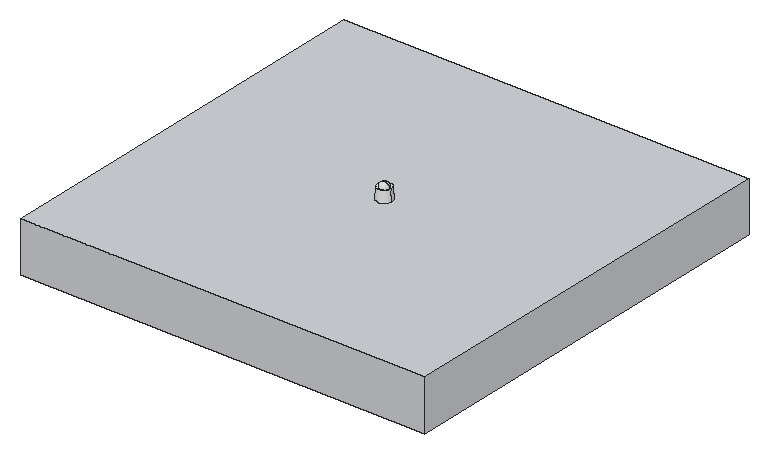
Revit family "Legrand_Gestion_eclairage_Detect_mvt_autonome_360D_Etanche_Gris_Mur", category Dispositifs d'éclairage, Revit 2020
Family settings
  Hôte = Face
  Conserver l'orientation des annotations = Oui
  Cote de connecteur circulaire = Utiliser le diamètre
  Type d'élément = Normal
  Couper avec des vides une fois chargée = Non
  Partagée = Non
  Point de calcul de pièce = Non
Parameters
  Zone de detection [instance] = no
  URL = "http://www.legrandoc.com/069740"
  Télécommandable = "non"
  Type de tension = "AC"
  Tension nominale (V) = "230"
  Température (MIN) (°C) = 0
  Température (MAX) (°C) = 55
  Sensibilité réglable = "non"
  Sensibilité lumineuse réglable = "oui"
  Sensibilité lumineuse (MIN) (lx) = 10
  Sensibilité lumineuse (MAX) (lx) = 4000
  Réglage de lumière constante = "oui"
  Product ID = "069740"
  Numéro RAL = "7035"
  Mode de montage = "apparent"
  Indication distance [instance] = 12 mm
  Image du type = PH3.jpg
  Hauteur maxi de montage (m) = "4"
  Gestion alarme = "non"
  Gestion CVC = "non"
  Fréquence (MIN) (Hz) = 50
  Fréquence (MAX) (Hz) = 60
  Fonction variateur intégrée = "non"
  Fabricant = "LEGRAND"
  Exécution = "détecteur de mouvement"
  Etiquette [instance] = no
  Entrée secondaire = "non"
  Elévation par défaut = 2500 mm
  ETIM-5.0 Class = "EC000133"
  Durée d'enclenchement min (s) = "12"
  Durée d'enclenchement max (mn) = "16"
  Description = "DETECTEUR DE MOUVEMENT ETANCHE 360 DEGRE GRIS PLEXO"
  Courant de démarrage max (A) = "8.5"
  Coupure forcée = "non"
  Couleur = "Gris"
  Condition Générale d'Utilisation = "https://export.legrand.com/CGU-objets-BIM"
  Code d'assemblage = "D5010200"
  Classe de protection (IP) = "IP55"
  Capacité de coupure max (W) = 1000
  Angle de détection horizontal (MIN) (°) = 0
  Angle de détection horizontal (MAX) (°) = 360
  Adapté pour transmission sans fil = "non"
Reference planes
  plane 1 "Centre (avant/arrière)": y = 0
  plane 2: z = 0
  plane 3 "Centre (gauche/droite)": x = 0
Forms (mm)
  Extrusion 1, solid
    sketch origin (0, 0, 0) x (1, 0, 0) y (0, 1, 0)
      loop
        line (-1219.2, 1219.2) -> (-1219.2, -1219.2) -> (1219.2, -1219.2) -> (1219.2, 1219.2) -> (-1219.2, 1219.2)
    from 0 to -304.8
Dimensions and locks
  aligned and locked: plane 2 to Extrusion 1
  aligned and locked: level to Extrusion 1
  aligned and locked: nested 1 to plane 2
  aligned and locked: plane 3 "Centre (gauche/droite)" to nested 1
  aligned and locked: plane 1 "Centre (avant/arrière)" to nested 1
Nested families
  nested 1: "048898" at (0, 0, 0), type "048898"
  nested 2: "Zone de detection 12mx8m- plan" at (0, 0, 0) x (0, 0, 1) z (0, -1, 0), visible <- "Zone de detection", type "Zone de detection 12mx8m- plan"
  nested 3: "Symbole D" at (0, 0, 0), type "Symbole D"
  nested 4: "Détection 90°" at (0, 190.222, 0), visible <- "Etiquette", Indication distance <- "Indication distance", type "Détection 90°"
    with Indication distance 12 mm
Connectors
  electrical at (0, 0, 0)
    settings: on nested 1, index 1, voltage 230 V, apparent load 0 VA, apparent load phase1 0 VA, apparent load phase2 0 VA, apparent load phase3 0 VA, power factor 1, load classification "Autre", number of poles 1, system type 31, power factor state 1, is connector primary yes, connector utility no, sub classification motor no, connector description ""
Definition of nested family "048898"
  Parameters (values of type "048898")
    Default Elevation = 0 mm
  Reference planes
    plane 1 "Centre (avant/arrière)": y = 0
    plane 2: z = 0
    plane 3 "Centre (gauche/droite)": x = 0
  Forms (mm)
    Revolve 1, solid
      sketch origin (0, 0, 0) x (-1, 0, 0) y (0, 0, -1)
        loop
          line (0, 0) -> (0, -65.2) -> (41, -65.2)
          arc (41, -65.2) -> (43.378, -32.633) -> (44.526, 0) r 865.317
          line (44.526, 0) -> (0, 0)
        axis (0, 0) -> (0, -65.2)
      angle from 0 to 360
    Revolve 2, solid
      sketch origin (0, 0, 0) x (-1, 0, 0) y (0, 0, -1)
        loop
          arc (0, -91.691) -> (18.988, -83.722) -> (27.988, -65.2) r 29.184
          line (27.988, -65.2) -> (0, -65.2) -> (0, -91.691)
        axis (0, -65.2) -> (0, -91.691)
      angle from 0 to 360
  Dimensions and locks
    aligned and locked: level to plane 2
Definition of nested family "Zone de detection 12mx8m- plan"
  Reference planes
    plane 1 "Centre (avant/arrière)": y = 0
    plane 2: z = 0
    plane 3 "Centre (gauche/droite)": x = 0
  Lines and regions (mm)
    detail lines, in view "Niveau de réf."
      curve 1: line (0, 0, 0) -> (3692.308, 3692.308, 0)
      curve 2: arc (3692.308, 3692.308, 0) -> (5262.653, 3968.914, 0) -> (6857.143, 3958.973, 0) r 8841.544
      curve 3: arc (6857.143, 3958.973, 0) -> (8193.689, 3717.836, 0) -> (9472.961, 3261.802, 0) r 8293.685
      curve 4: arc (9472.961, 3261.802, 0) -> (10318.46, 2780.139, 0) -> (11059.772, 2149.802, 0) r 5215.555
      curve 5: arc (11059.772, 2149.802, 0) -> (11506.891, 1586.263, 0) -> (11830.58, 943.831, 0) r 3532.62
      curve 6: arc (11830.58, 943.831, 0) -> (11960.228, 479.87, 0) -> (12002.568, 0, 0) r 2614.992
      curve 7: arc (4424.882, 0, 0) -> (4411.234, 320.417, 0) -> (4380.15, 639.614, 0) r 5884.415
      curve 8: arc (4380.15, 639.614, 0) -> (4340.781, 895.474, 0) -> (4286.98, 1148.693, 0) r 4567.682
      curve 9: arc (4286.98, 1148.693, 0) -> (4162.3, 1556.249, 0) -> (3990.363, 1946.23, 0) r 3602.685
      curve 10: arc (3990.363, 1946.23, 0) -> (3913.565, 2080.99, 0) -> (3825.336, 2208.559, 0) r 1781.449
      curve 11: line (2527.2, 2527.2, 0) -> (3825.336, 2208.559, 0)
      curve 12: line (0, 0, 0) -> (3692.308, -3692.308, 0)
      curve 13: arc (3692.308, -3692.308, 0) -> (5262.653, -3968.914, 0) -> (6857.143, -3958.973, 0) r 8841.544
      curve 14: arc (6857.143, -3958.973, 0) -> (8193.689, -3717.836, 0) -> (9472.961, -3261.802, 0) r 8293.685
      curve 15: arc (9472.961, -3261.802, 0) -> (10318.46, -2780.139, 0) -> (11059.772, -2149.802, 0) r 5215.555
      curve 16: arc (11059.772, -2149.802, 0) -> (11506.891, -1586.263, 0) -> (11830.58, -943.831, 0) r 3532.62
      curve 17: arc (11830.58, -943.831, 0) -> (11960.228, -479.87, 0) -> (12002.568, 0, 0) r 2614.992
      curve 18: arc (4424.882, 0, 0) -> (4411.234, -320.417, 0) -> (4380.15, -639.614, 0) r 5884.415
      curve 19: arc (4380.15, -639.614, 0) -> (4340.781, -895.474, 0) -> (4286.98, -1148.693, 0) r 4567.682
      curve 20: arc (4286.98, -1148.693, 0) -> (4162.3, -1556.249, 0) -> (3990.363, -1946.23, 0) r 3602.685
      curve 21: arc (3990.363, -1946.23, 0) -> (3913.565, -2080.99, 0) -> (3825.336, -2208.559, 0) r 1781.449
      curve 22: line (2527.2, -2527.2, 0) -> (3825.336, -2208.559, 0)
Definition of nested family "Symbole D"
  Reference planes
    plane 1: y = 0
    plane 2: x = 0
  Lines and regions (mm)
    detail lines
      curve 1: spline (0.481, 2.356, 0) -> (0.429, 2.16, 0) -> (0.363, 1.989, 0) -> (0.285, 1.851, 0) -> (0.199, 1.748, 0) -> (0.106, 1.685, 0) -> (0.01, 1.664, 0) -> (-0.085, 1.685, 0) -> (-0.178, 1.748, 0) -> (-0.264, 1.851, 0) -> (-0.342, 1.989, 0) -> (-0.408, 2.16, 0) -> (-0.46, 2.356, 0)
      curve 2: arc (0.821, 3.072, 0) -> (-0.004, 3.293, 0) -> (-0.828, 3.072, 0) r 1.643
      curve 3: arc (-0.64, 2.774, 0) -> (0.004, 2.96, 0) -> (0.648, 2.774, 0) r 1.213
      curve 4: arc (-1.023, 3.436, 0) -> (0.005, 3.717, 0) -> (1.032, 3.436, 0) r 2.018
      curve 5: line (-1.042, 0.262, 0) -> (1.042, 0.262, 0)
      curve 6: arc (-0.945, 0.262, 0) -> (0, 1.008, 0) -> (0.945, 0.262, 0) r 0.972
      curve 7: line (-1.042, 0.262, 0) -> (-1.042, 0, 0)
      curve 8: line (-1.042, 0, 0) -> (1.042, 0, 0)
      curve 9: line (1.042, 0, 0) -> (1.042, 0.262, 0)
  Text (mm)
    text "IR" at (0.939, 0.64, 0)
  Dimensions and locks
    aligned and locked: plane 2 to curve 6
    aligned and locked: plane 1 to curve 8
Definition of nested family "Détection 90°"
  Parameters (values of type "Détection 90°")
    Indication distance [instance] = 0 mm
  Reference planes
    plane 1: y = 0
    plane 2: x = 0
  Text (mm)
    label "Détection 90°,Indication distancem frontal à 2,5m haut" at (-0.885, 0.234, 0), shows "Indication distance"
